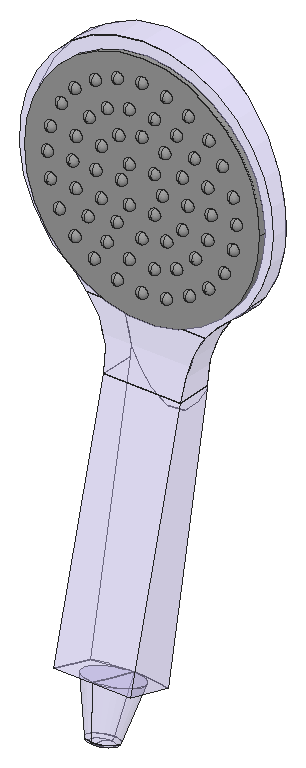
Revit family "AV4090001_Aluvia Teleducha", category Plumbing Fixtures, Revit 2020
Family settings
  Round Connector Dimension = Use Diameter
  Part Type = Normal
  OmniClass Number = 23.31.11.00
  OmniClass Title = Faucets
  Work Plane-Based = No
  Always vertical = Yes
  Cut with Voids When Loaded = No
  Shared = No
  Room Calculation Point = No
Parameters
  Temperatura de Uso = "5˚C a 71˚C."  # constant formula
  Referencia = "AV4090001"  # constant formula
  Profundidad = 48 mm
  Presion minima = "20 psi (140 kPa)."  # constant formula
  Presion maxima = "125 psi (860 kPa)."  # constant formula
  Peso neto = "400 g. - 1,03 lb."  # constant formula
  Model = "Aluvia Teleducha"  # constant formula
  Material 2 = Corona_Plastico_Gris
  Material = Ceilings
  Garantía = "30 Años"  # constant formula
  Fecha de creación = "16/03/2021"  # constant formula
  Manufacturer = "Corona"  # constant formula
  Default Elevation = 0 mm
  Description = "La teleducha Aluvia con tamaño medio y chorro tipo lluvia focalizado ofrece mayor practicidad, ideal para consumidores que buscan cobertura direccionada."  # constant formula
  Creado por = "BIMBAU"  # constant formula
  Capacidad de flujo = "a 80 psi: 9,3 L/min"  # constant formula
  Ancho = 101 mm
  Alto = 243 mm
  Acabado = "Cromado"  # constant formula
Reference planes
  plane 1 "Center (Front/Back)": y = 0
  plane 2: z = 0
  plane 3 "Center (Left/Right)": x = 0
  plane 4: z = 121.5
  plane 5: z = -121.5
  plane 6: x = 50.5
  plane 7: x = -50.5
  plane 8: y = 24
  plane 9: y = -24
Forms (mm)
  Extrusion 1, solid, material "Ceilings" <- "Material", detail levels medium+fine
    sketch origin (0, 0, 0) x (0, 1, 0) y (0, 0, 1)
      loop
        arc (3.039, 20.85) -> (3.139, 8.293) -> (0.86, -4.055) r 66.008
        line (0.86, -4.055) -> (-23.687, -97.331) -> (1.206, -103.882)
        arc (1.206, -103.882) -> (13.696, -35.441) -> (22.248, 33.603) r 1215.032
        arc (22.248, 33.603) -> (22.458, 75.664) -> (15.165, 117.089) r 234.977
        arc (15.165, 117.089) -> (14.587, 117.92) -> (13.612, 118.194) r 1.5
        line (13.612, 118.194) -> (3.039, 117.454) -> (3.039, 20.85)
    from -50.5 to 50.5
  Extrusion 2, void
    sketch origin (0, 0, 0) x (1, 0, 0) y (0, 0, 1)
      loop
        arc (-15, -4.055) -> (-19.862, 15.388) -> (-33.305, 30.253) r 41.304
        arc (-33.305, 30.253) -> (-36.346, 32.645) -> (-38.99, 35.47) r 25.499
        arc (-38.99, 35.47) -> (-1.14, 116.758) -> (40.377, 37.281) r 50
        arc (40.377, 37.281) -> (36.912, 33.288) -> (32.83, 29.93) r 31.55
        arc (32.83, 29.93) -> (19.728, 15.134) -> (15, -4.055) r 41.304
        line (15, -4.055) -> (15, -124.055) -> (73.793, -124.055) -> (73.793, 155.945) -> (-71.207, 155.945) -> (-71.207, -124.055) -> (-15, -124.055) -> (-15, -4.055)
    from -29.283 to 29.02
  Extrusion 3, void
    sketch origin (0, 0, 0) x (1, 0, 0) y (0, 1, 0)
      loop
        arc (-61.893, 6.314) -> (-0.494, 15.088) -> (60.941, 6.567) r 222.412
        line (60.941, 6.567) -> (60.941, 36.634) -> (-61.893, 36.634) -> (-61.893, 6.314)
    from -87.202 to 127.106
  Extrusion 4, void
    sketch origin (0, 15.201, -3.165) x (1, 0, 0) y (0, 0.980428, -0.19688)
      loop
        arc (-17.902, -2.684) -> (0.896, 2.663) -> (19.694, -2.684) r 35.716
        line (19.694, -2.684) -> (19.694, 7.316) -> (-17.902, 7.316) -> (-17.902, -2.684)
    from -176.283 to 30.24
  Extrusion 5, solid, material "Corona_Plastico_Gris" <- "Material 2", detail levels medium+fine
    sketch origin (0, 0, 0) x (1, 0, 0) y (0, 0, 1)
      loop
        circle (0, 65.811) r 46.356
    from -3.039 to -1.004
  Revolve 6, solid, material "Ceilings" <- "Material", detail levels medium+fine
    sketch origin (0, 1.25, 0) x (0, 1, 0) y (0, 0, 1)
      loop
        line (-14.316, -99.798) -> (-19.568, -119.757) -> (-15.595, -121.61)
        arc (-15.595, -121.61) -> (-14.567, -121.669) -> (-13.781, -121.004) r 1.39
        line (-13.781, -121.004) -> (-3.94, -102.528) -> (-14.316, -99.798)
      axis (-14.316, -99.798) -> (-19.767, -120.512)
    angle from 0 to 360
  Revolve 7, solid, material "Corona_Plastico_Gris" <- "Material 2", detail levels medium+fine
    sketch origin (0, 0, -7.123) x (0, 1, 0) y (0, 0, 1)
      loop
        arc (1.004, 112.913) -> (-0.995, 110.915) -> (1.004, 108.916) r 1.999
        line (1.004, 108.916) -> (1.004, 112.913)
      axis (1.004, 112.913) -> (1.004, 108.916)
    angle from 0 to 360
  Revolve 8, solid, material "Corona_Plastico_Gris" <- "Material 2", detail levels medium+fine
    sketch origin (0, 0, -26.184) x (0, 1, 0) y (0, 0, 1)
      loop
        arc (1.004, 112.913) -> (-0.995, 110.915) -> (1.004, 108.916) r 1.999
        line (1.004, 108.916) -> (1.004, 112.913)
      axis (1.004, 112.913) -> (1.004, 108.916)
    angle from 0 to 360
  Revolve 9, solid, material "Corona_Plastico_Gris" <- "Material 2", detail levels medium+fine
    sketch origin (0, 0, -61.99) x (0, 1, 0) y (0, 0, 1)
      loop
        arc (1.004, 112.913) -> (-0.995, 110.915) -> (1.004, 108.916) r 1.999
        line (1.004, 108.916) -> (1.004, 112.913)
      axis (1.004, 112.913) -> (1.004, 108.916)
    angle from 0 to 360
  Revolve 10, solid, material "Corona_Plastico_Gris" <- "Material 2", detail levels medium+fine
    sketch origin (0, 0, -81.119) x (0, 1, 0) y (0, 0, 1)
      loop
        arc (1.004, 112.913) -> (-0.995, 110.915) -> (1.004, 108.916) r 1.999
        line (1.004, 108.916) -> (1.004, 112.913)
      axis (1.004, 112.913) -> (1.004, 108.916)
    angle from 0 to 360
  Revolve 11, solid, material "Corona_Plastico_Gris" <- "Material 2", detail levels medium+fine
    sketch origin (5, 0, -71.053) x (0, 1, 0) y (0, 0, 1)
      loop
        arc (1.004, 112.913) -> (-0.995, 110.915) -> (1.004, 108.916) r 1.999
        line (1.004, 108.916) -> (1.004, 112.913)
      axis (1.004, 112.913) -> (1.004, 108.916)
    angle from 0 to 360
  Revolve 12, solid, material "Corona_Plastico_Gris" <- "Material 2", detail levels medium+fine
    sketch origin (5, 0, -51.856) x (0, 1, 0) y (0, 0, 1)
      loop
        arc (1.004, 112.913) -> (-0.995, 110.915) -> (1.004, 108.916) r 1.999
        line (1.004, 108.916) -> (1.004, 112.913)
      axis (1.004, 112.913) -> (1.004, 108.916)
    angle from 0 to 360
  Revolve 13, solid, material "Corona_Plastico_Gris" <- "Material 2", detail levels medium+fine
    sketch origin (5, 0, -37.561) x (0, 1, 0) y (0, 0, 1)
      loop
        arc (1.004, 112.913) -> (-0.995, 110.915) -> (1.004, 108.916) r 1.999
        line (1.004, 108.916) -> (1.004, 112.913)
      axis (1.004, 112.913) -> (1.004, 108.916)
    angle from 0 to 360
  Revolve 14, solid, material "Corona_Plastico_Gris" <- "Material 2", detail levels medium+fine
    sketch origin (5, 0, -18.228) x (0, 1, 0) y (0, 0, 1)
      loop
        arc (1.004, 112.913) -> (-0.995, 110.915) -> (1.004, 108.916) r 1.999
        line (1.004, 108.916) -> (1.004, 112.913)
      axis (1.004, 112.913) -> (1.004, 108.916)
    angle from 0 to 360
  Revolve 15, solid, material "Corona_Plastico_Gris" <- "Material 2", detail levels medium+fine
    sketch origin (-5, 0, -71.053) x (0, 1, 0) y (0, 0, -1)
      loop
        line (1.004, -112.913) -> (1.004, -108.916)
        arc (1.004, -108.916) -> (-0.995, -110.915) -> (1.004, -112.913) r 1.999
      axis (1.004, -112.913) -> (1.004, -108.916)
    angle from 0 to 360
  Revolve 16, solid, material "Corona_Plastico_Gris" <- "Material 2", detail levels medium+fine
    sketch origin (-5, 0, -51.856) x (0, 1, 0) y (0, 0, -1)
      loop
        line (1.004, -112.913) -> (1.004, -108.916)
        arc (1.004, -108.916) -> (-0.995, -110.915) -> (1.004, -112.913) r 1.999
      axis (1.004, -112.913) -> (1.004, -108.916)
    angle from 0 to 360
  Revolve 17, solid, material "Corona_Plastico_Gris" <- "Material 2", detail levels medium+fine
    sketch origin (-5, 0, -37.561) x (0, 1, 0) y (0, 0, -1)
      loop
        line (1.004, -112.913) -> (1.004, -108.916)
        arc (1.004, -108.916) -> (-0.995, -110.915) -> (1.004, -112.913) r 1.999
      axis (1.004, -112.913) -> (1.004, -108.916)
    angle from 0 to 360
  Revolve 18, solid, material "Corona_Plastico_Gris" <- "Material 2", detail levels medium+fine
    sketch origin (-5, 0, -18.228) x (0, 1, 0) y (0, 0, -1)
      loop
        line (1.004, -112.913) -> (1.004, -108.916)
        arc (1.004, -108.916) -> (-0.995, -110.915) -> (1.004, -112.913) r 1.999
      axis (1.004, -112.913) -> (1.004, -108.916)
    angle from 0 to 360
  Revolve 19, solid, material "Corona_Plastico_Gris" <- "Material 2", detail levels medium+fine
    sketch origin (9.695, 0, -79.882) x (0, 1, 0) y (0, 0, 1)
      loop
        arc (1.004, 112.913) -> (-0.995, 110.915) -> (1.004, 108.916) r 1.999
        line (1.004, 108.916) -> (1.004, 112.913)
      axis (1.004, 112.913) -> (1.004, 108.916)
    angle from 0 to 360
  Revolve 20, solid, material "Corona_Plastico_Gris" <- "Material 2", detail levels medium+fine
    sketch origin (18.758, 0, -75.656) x (0, 1, 0) y (0, 0, 1)
      loop
        arc (1.004, 112.913) -> (-0.995, 110.915) -> (1.004, 108.916) r 1.999
        line (1.004, 108.916) -> (1.004, 112.913)
      axis (1.004, 112.913) -> (1.004, 108.916)
    angle from 0 to 360
  Revolve 21, solid, material "Corona_Plastico_Gris" <- "Material 2", detail levels medium+fine
    sketch origin (26.286, 0, -70.385) x (0, 1, 0) y (0, 0, 1)
      loop
        arc (1.004, 112.913) -> (-0.995, 110.915) -> (1.004, 108.916) r 1.999
        line (1.004, 108.916) -> (1.004, 112.913)
      axis (1.004, 112.913) -> (1.004, 108.916)
    angle from 0 to 360
  Revolve 22, solid, material "Corona_Plastico_Gris" <- "Material 2", detail levels medium+fine
    sketch origin (13.687, 0, -67.936) x (0, 1, 0) y (0, 0, 1)
      loop
        arc (1.004, 112.913) -> (-0.995, 110.915) -> (1.004, 108.916) r 1.999
        line (1.004, 108.916) -> (1.004, 112.913)
      axis (1.004, 112.913) -> (1.004, 108.916)
    angle from 0 to 360
  Revolve 23, solid, material "Corona_Plastico_Gris" <- "Material 2", detail levels medium+fine
    sketch origin (9.809, 0, -59.62) x (0, 1, 0) y (0, 0, 1)
      loop
        arc (1.004, 112.913) -> (-0.995, 110.915) -> (1.004, 108.916) r 1.999
        line (1.004, 108.916) -> (1.004, 112.913)
      axis (1.004, 112.913) -> (1.004, 108.916)
    angle from 0 to 360
  Revolve 24, solid, material "Corona_Plastico_Gris" <- "Material 2", detail levels medium+fine
    sketch origin (21.153, 0, -61.621) x (0, 1, 0) y (0, 0, 1)
      loop
        arc (1.004, 112.913) -> (-0.995, 110.915) -> (1.004, 108.916) r 1.999
        line (1.004, 108.916) -> (1.004, 112.913)
      axis (1.004, 112.913) -> (1.004, 108.916)
    angle from 0 to 360
  Revolve 25, solid, material "Corona_Plastico_Gris" <- "Material 2", detail levels medium+fine
    sketch origin (32.502, 0, -62.813) x (0, 1, 0) y (0, 0, 1)
      loop
        arc (1.004, 112.913) -> (-0.995, 110.915) -> (1.004, 108.916) r 1.999
        line (1.004, 108.916) -> (1.004, 112.913)
      axis (1.004, 112.913) -> (1.004, 108.916)
    angle from 0 to 360
  Revolve 26, solid, material "Corona_Plastico_Gris" <- "Material 2", detail levels medium+fine
    sketch origin (35.922, 0, -53.417) x (0, 1, 0) y (0, 0, 1)
      loop
        arc (1.004, 112.913) -> (-0.995, 110.915) -> (1.004, 108.916) r 1.999
        line (1.004, 108.916) -> (1.004, 112.913)
      axis (1.004, 112.913) -> (1.004, 108.916)
    angle from 0 to 360
  Revolve 27, solid, material "Corona_Plastico_Gris" <- "Material 2", detail levels medium+fine
    sketch origin (25.922, 0, -53.417) x (0, 1, 0) y (0, 0, 1)
      loop
        arc (1.004, 112.913) -> (-0.995, 110.915) -> (1.004, 108.916) r 1.999
        line (1.004, 108.916) -> (1.004, 112.913)
      axis (1.004, 112.913) -> (1.004, 108.916)
    angle from 0 to 360
  Revolve 28, solid, material "Corona_Plastico_Gris" <- "Material 2", detail levels medium+fine
    sketch origin (15.922, 0, -53.417) x (0, 1, 0) y (0, 0, 1)
      loop
        arc (1.004, 112.913) -> (-0.995, 110.915) -> (1.004, 108.916) r 1.999
        line (1.004, 108.916) -> (1.004, 112.913)
      axis (1.004, 112.913) -> (1.004, 108.916)
    angle from 0 to 360
  Revolve 29, solid, material "Corona_Plastico_Gris" <- "Material 2", detail levels medium+fine
    sketch origin (37.23, 0, -44.115) x (0, 1, 0) y (0, 0, 1)
      loop
        arc (1.004, 112.913) -> (-0.995, 110.915) -> (1.004, 108.916) r 1.999
        line (1.004, 108.916) -> (1.004, 112.913)
      axis (1.004, 112.913) -> (1.004, 108.916)
    angle from 0 to 360
  Revolve 30, solid, material "Corona_Plastico_Gris" <- "Material 2", detail levels medium+fine
    sketch origin (27.23, 0, -44.115) x (0, 1, 0) y (0, 0, 1)
      loop
        arc (1.004, 112.913) -> (-0.995, 110.915) -> (1.004, 108.916) r 1.999
        line (1.004, 108.916) -> (1.004, 112.913)
      axis (1.004, 112.913) -> (1.004, 108.916)
    angle from 0 to 360
  Revolve 31, solid, material "Corona_Plastico_Gris" <- "Material 2", detail levels medium+fine
    sketch origin (18.067, 0, -44.115) x (0, 1, 0) y (0, 0, 1)
      loop
        arc (1.004, 112.913) -> (-0.995, 110.915) -> (1.004, 108.916) r 1.999
        line (1.004, 108.916) -> (1.004, 112.913)
      axis (1.004, 112.913) -> (1.004, 108.916)
    angle from 0 to 360
  Revolve 32, solid, material "Corona_Plastico_Gris" <- "Material 2", detail levels medium+fine
    sketch origin (8.067, 0, -44.115) x (0, 1, 0) y (0, 0, 1)
      loop
        arc (1.004, 112.913) -> (-0.995, 110.915) -> (1.004, 108.916) r 1.999
        line (1.004, 108.916) -> (1.004, 112.913)
      axis (1.004, 112.913) -> (1.004, 108.916)
    angle from 0 to 360
  Revolve 33, solid, material "Corona_Plastico_Gris" <- "Material 2", detail levels medium+fine
    sketch origin (35.922, 0, -34.961) x (0, 1, 0) y (0, 0, 1)
      loop
        arc (1.004, 112.913) -> (-0.995, 110.915) -> (1.004, 108.916) r 1.999
        line (1.004, 108.916) -> (1.004, 112.913)
      axis (1.004, 112.913) -> (1.004, 108.916)
    angle from 0 to 360
  Revolve 34, solid, material "Corona_Plastico_Gris" <- "Material 2", detail levels medium+fine
    sketch origin (25.922, 0, -34.961) x (0, 1, 0) y (0, 0, 1)
      loop
        arc (1.004, 112.913) -> (-0.995, 110.915) -> (1.004, 108.916) r 1.999
        line (1.004, 108.916) -> (1.004, 112.913)
      axis (1.004, 112.913) -> (1.004, 108.916)
    angle from 0 to 360
  Revolve 35, solid, material "Corona_Plastico_Gris" <- "Material 2", detail levels medium+fine
    sketch origin (15.922, 0, -34.961) x (0, 1, 0) y (0, 0, 1)
      loop
        arc (1.004, 112.913) -> (-0.995, 110.915) -> (1.004, 108.916) r 1.999
        line (1.004, 108.916) -> (1.004, 112.913)
      axis (1.004, 112.913) -> (1.004, 108.916)
    angle from 0 to 360
  Revolve 36, solid, material "Corona_Plastico_Gris" <- "Material 2", detail levels medium+fine
    sketch origin (9.053, 0, -28.776) x (0, 1, 0) y (0, 0, 1)
      loop
        arc (1.004, 112.913) -> (-0.995, 110.915) -> (1.004, 108.916) r 1.999
        line (1.004, 108.916) -> (1.004, 112.913)
      axis (1.004, 112.913) -> (1.004, 108.916)
    angle from 0 to 360
  Revolve 37, solid, material "Corona_Plastico_Gris" <- "Material 2", detail levels medium+fine
    sketch origin (20.695, 0, -26.513) x (0, 1, 0) y (0, 0, 1)
      loop
        arc (1.004, 112.913) -> (-0.995, 110.915) -> (1.004, 108.916) r 1.999
        line (1.004, 108.916) -> (1.004, 112.913)
      axis (1.004, 112.913) -> (1.004, 108.916)
    angle from 0 to 360
  Revolve 38, solid, material "Corona_Plastico_Gris" <- "Material 2", detail levels medium+fine
    sketch origin (31.746, 0, -25.352) x (0, 1, 0) y (0, 0, 1)
      loop
        arc (1.004, 112.913) -> (-0.995, 110.915) -> (1.004, 108.916) r 1.999
        line (1.004, 108.916) -> (1.004, 112.913)
      axis (1.004, 112.913) -> (1.004, 108.916)
    angle from 0 to 360
  Revolve 39, solid, material "Corona_Plastico_Gris" <- "Material 2", detail levels medium+fine
    sketch origin (26.354, 0, -18.196) x (0, 1, 0) y (0, 0, 1)
      loop
        arc (1.004, 112.913) -> (-0.995, 110.915) -> (1.004, 108.916) r 1.999
        line (1.004, 108.916) -> (1.004, 112.913)
      axis (1.004, 112.913) -> (1.004, 108.916)
    angle from 0 to 360
  Revolve 40, solid, material "Corona_Plastico_Gris" <- "Material 2", detail levels medium+fine
    sketch origin (13.656, 0, -20.895) x (0, 1, 0) y (0, 0, 1)
      loop
        arc (1.004, 112.913) -> (-0.995, 110.915) -> (1.004, 108.916) r 1.999
        line (1.004, 108.916) -> (1.004, 112.913)
      axis (1.004, 112.913) -> (1.004, 108.916)
    angle from 0 to 360
  Revolve 41, solid, material "Corona_Plastico_Gris" <- "Material 2", detail levels medium+fine
    sketch origin (18.302, 0, -12.513) x (0, 1, 0) y (0, 0, 1)
      loop
        arc (1.004, 112.913) -> (-0.995, 110.915) -> (1.004, 108.916) r 1.999
        line (1.004, 108.916) -> (1.004, 112.913)
      axis (1.004, 112.913) -> (1.004, 108.916)
    angle from 0 to 360
  Revolve 42, solid, material "Corona_Plastico_Gris" <- "Material 2", detail levels medium+fine
    sketch origin (9.642, 0, -8.837) x (0, 1, 0) y (0, 0, 1)
      loop
        arc (1.004, 112.913) -> (-0.995, 110.915) -> (1.004, 108.916) r 1.999
        line (1.004, 108.916) -> (1.004, 112.913)
      axis (1.004, 112.913) -> (1.004, 108.916)
    angle from 0 to 360
  Revolve 43, solid, material "Corona_Plastico_Gris" <- "Material 2", detail levels medium+fine
    sketch origin (-9.695, 0, -79.882) x (0, 1, 0) y (0, 0, -1)
      loop
        line (1.004, -112.913) -> (1.004, -108.916)
        arc (1.004, -108.916) -> (-0.995, -110.915) -> (1.004, -112.913) r 1.999
      axis (1.004, -112.913) -> (1.004, -108.916)
    angle from 0 to 360
  Revolve 44, solid, material "Corona_Plastico_Gris" <- "Material 2", detail levels medium+fine
    sketch origin (-18.758, 0, -75.656) x (0, 1, 0) y (0, 0, -1)
      loop
        line (1.004, -112.913) -> (1.004, -108.916)
        arc (1.004, -108.916) -> (-0.995, -110.915) -> (1.004, -112.913) r 1.999
      axis (1.004, -112.913) -> (1.004, -108.916)
    angle from 0 to 360
  Revolve 45, solid, material "Corona_Plastico_Gris" <- "Material 2", detail levels medium+fine
    sketch origin (-26.286, 0, -70.385) x (0, 1, 0) y (0, 0, -1)
      loop
        line (1.004, -112.913) -> (1.004, -108.916)
        arc (1.004, -108.916) -> (-0.995, -110.915) -> (1.004, -112.913) r 1.999
      axis (1.004, -112.913) -> (1.004, -108.916)
    angle from 0 to 360
  Revolve 46, solid, material "Corona_Plastico_Gris" <- "Material 2", detail levels medium+fine
    sketch origin (-13.687, 0, -67.936) x (0, 1, 0) y (0, 0, -1)
      loop
        line (1.004, -112.913) -> (1.004, -108.916)
        arc (1.004, -108.916) -> (-0.995, -110.915) -> (1.004, -112.913) r 1.999
      axis (1.004, -112.913) -> (1.004, -108.916)
    angle from 0 to 360
  Revolve 47, solid, material "Corona_Plastico_Gris" <- "Material 2", detail levels medium+fine
    sketch origin (-9.809, 0, -59.62) x (0, 1, 0) y (0, 0, -1)
      loop
        line (1.004, -112.913) -> (1.004, -108.916)
        arc (1.004, -108.916) -> (-0.995, -110.915) -> (1.004, -112.913) r 1.999
      axis (1.004, -112.913) -> (1.004, -108.916)
    angle from 0 to 360
  Revolve 48, solid, material "Corona_Plastico_Gris" <- "Material 2", detail levels medium+fine
    sketch origin (-21.153, 0, -61.621) x (0, 1, 0) y (0, 0, -1)
      loop
        line (1.004, -112.913) -> (1.004, -108.916)
        arc (1.004, -108.916) -> (-0.995, -110.915) -> (1.004, -112.913) r 1.999
      axis (1.004, -112.913) -> (1.004, -108.916)
    angle from 0 to 360
  Revolve 49, solid, material "Corona_Plastico_Gris" <- "Material 2", detail levels medium+fine
    sketch origin (-32.502, 0, -62.813) x (0, 1, 0) y (0, 0, -1)
      loop
        line (1.004, -112.913) -> (1.004, -108.916)
        arc (1.004, -108.916) -> (-0.995, -110.915) -> (1.004, -112.913) r 1.999
      axis (1.004, -112.913) -> (1.004, -108.916)
    angle from 0 to 360
  Revolve 50, solid, material "Corona_Plastico_Gris" <- "Material 2", detail levels medium+fine
    sketch origin (-35.922, 0, -53.417) x (0, 1, 0) y (0, 0, -1)
      loop
        line (1.004, -112.913) -> (1.004, -108.916)
        arc (1.004, -108.916) -> (-0.995, -110.915) -> (1.004, -112.913) r 1.999
      axis (1.004, -112.913) -> (1.004, -108.916)
    angle from 0 to 360
  Revolve 51, solid, material "Corona_Plastico_Gris" <- "Material 2", detail levels medium+fine
    sketch origin (-25.922, 0, -53.417) x (0, 1, 0) y (0, 0, -1)
      loop
        line (1.004, -112.913) -> (1.004, -108.916)
        arc (1.004, -108.916) -> (-0.995, -110.915) -> (1.004, -112.913) r 1.999
      axis (1.004, -112.913) -> (1.004, -108.916)
    angle from 0 to 360
  Revolve 52, solid, material "Corona_Plastico_Gris" <- "Material 2", detail levels medium+fine
    sketch origin (-15.922, 0, -53.417) x (0, 1, 0) y (0, 0, -1)
      loop
        line (1.004, -112.913) -> (1.004, -108.916)
        arc (1.004, -108.916) -> (-0.995, -110.915) -> (1.004, -112.913) r 1.999
      axis (1.004, -112.913) -> (1.004, -108.916)
    angle from 0 to 360
  Revolve 53, solid, material "Corona_Plastico_Gris" <- "Material 2", detail levels medium+fine
    sketch origin (-37.23, 0, -44.115) x (0, 1, 0) y (0, 0, -1)
      loop
        line (1.004, -112.913) -> (1.004, -108.916)
        arc (1.004, -108.916) -> (-0.995, -110.915) -> (1.004, -112.913) r 1.999
      axis (1.004, -112.913) -> (1.004, -108.916)
    angle from 0 to 360
  Revolve 54, solid, material "Corona_Plastico_Gris" <- "Material 2", detail levels medium+fine
    sketch origin (-27.23, 0, -44.115) x (0, 1, 0) y (0, 0, -1)
      loop
        line (1.004, -112.913) -> (1.004, -108.916)
        arc (1.004, -108.916) -> (-0.995, -110.915) -> (1.004, -112.913) r 1.999
      axis (1.004, -112.913) -> (1.004, -108.916)
    angle from 0 to 360
  Revolve 55, solid, material "Corona_Plastico_Gris" <- "Material 2", detail levels medium+fine
    sketch origin (-18.067, 0, -44.115) x (0, 1, 0) y (0, 0, -1)
      loop
        line (1.004, -112.913) -> (1.004, -108.916)
        arc (1.004, -108.916) -> (-0.995, -110.915) -> (1.004, -112.913) r 1.999
      axis (1.004, -112.913) -> (1.004, -108.916)
    angle from 0 to 360
  Revolve 56, solid, material "Corona_Plastico_Gris" <- "Material 2", detail levels medium+fine
    sketch origin (-35.922, 0, -34.961) x (0, 1, 0) y (0, 0, -1)
      loop
        line (1.004, -112.913) -> (1.004, -108.916)
        arc (1.004, -108.916) -> (-0.995, -110.915) -> (1.004, -112.913) r 1.999
      axis (1.004, -112.913) -> (1.004, -108.916)
    angle from 0 to 360
  Revolve 57, solid, material "Corona_Plastico_Gris" <- "Material 2", detail levels medium+fine
    sketch origin (-25.922, 0, -34.961) x (0, 1, 0) y (0, 0, -1)
      loop
        line (1.004, -112.913) -> (1.004, -108.916)
        arc (1.004, -108.916) -> (-0.995, -110.915) -> (1.004, -112.913) r 1.999
      axis (1.004, -112.913) -> (1.004, -108.916)
    angle from 0 to 360
  Revolve 58, solid, material "Corona_Plastico_Gris" <- "Material 2", detail levels medium+fine
    sketch origin (-15.922, 0, -34.961) x (0, 1, 0) y (0, 0, -1)
      loop
        line (1.004, -112.913) -> (1.004, -108.916)
        arc (1.004, -108.916) -> (-0.995, -110.915) -> (1.004, -112.913) r 1.999
      axis (1.004, -112.913) -> (1.004, -108.916)
    angle from 0 to 360
  Revolve 59, solid, material "Corona_Plastico_Gris" <- "Material 2", detail levels medium+fine
    sketch origin (-9.053, 0, -28.776) x (0, 1, 0) y (0, 0, -1)
      loop
        line (1.004, -112.913) -> (1.004, -108.916)
        arc (1.004, -108.916) -> (-0.995, -110.915) -> (1.004, -112.913) r 1.999
      axis (1.004, -112.913) -> (1.004, -108.916)
    angle from 0 to 360
  Revolve 60, solid, material "Corona_Plastico_Gris" <- "Material 2", detail levels medium+fine
    sketch origin (-20.695, 0, -26.513) x (0, 1, 0) y (0, 0, -1)
      loop
        line (1.004, -112.913) -> (1.004, -108.916)
        arc (1.004, -108.916) -> (-0.995, -110.915) -> (1.004, -112.913) r 1.999
      axis (1.004, -112.913) -> (1.004, -108.916)
    angle from 0 to 360
  Revolve 61, solid, material "Corona_Plastico_Gris" <- "Material 2", detail levels medium+fine
    sketch origin (-31.746, 0, -25.352) x (0, 1, 0) y (0, 0, -1)
      loop
        line (1.004, -112.913) -> (1.004, -108.916)
        arc (1.004, -108.916) -> (-0.995, -110.915) -> (1.004, -112.913) r 1.999
      axis (1.004, -112.913) -> (1.004, -108.916)
    angle from 0 to 360
  Revolve 62, solid, material "Corona_Plastico_Gris" <- "Material 2", detail levels medium+fine
    sketch origin (-26.354, 0, -18.196) x (0, 1, 0) y (0, 0, -1)
      loop
        line (1.004, -112.913) -> (1.004, -108.916)
        arc (1.004, -108.916) -> (-0.995, -110.915) -> (1.004, -112.913) r 1.999
      axis (1.004, -112.913) -> (1.004, -108.916)
    angle from 0 to 360
  Revolve 63, solid, material "Corona_Plastico_Gris" <- "Material 2", detail levels medium+fine
    sketch origin (-13.656, 0, -20.895) x (0, 1, 0) y (0, 0, -1)
      loop
        line (1.004, -112.913) -> (1.004, -108.916)
        arc (1.004, -108.916) -> (-0.995, -110.915) -> (1.004, -112.913) r 1.999
      axis (1.004, -112.913) -> (1.004, -108.916)
    angle from 0 to 360
  Revolve 64, solid, material "Corona_Plastico_Gris" <- "Material 2", detail levels medium+fine
    sketch origin (-18.302, 0, -12.513) x (0, 1, 0) y (0, 0, -1)
      loop
        line (1.004, -112.913) -> (1.004, -108.916)
        arc (1.004, -108.916) -> (-0.995, -110.915) -> (1.004, -112.913) r 1.999
      axis (1.004, -112.913) -> (1.004, -108.916)
    angle from 0 to 360
  Revolve 65, solid, material "Corona_Plastico_Gris" <- "Material 2", detail levels medium+fine
    sketch origin (-9.642, 0, -8.837) x (0, 1, 0) y (0, 0, -1)
      loop
        line (1.004, -112.913) -> (1.004, -108.916)
        arc (1.004, -108.916) -> (-0.995, -110.915) -> (1.004, -112.913) r 1.999
      axis (1.004, -112.913) -> (1.004, -108.916)
    angle from 0 to 360
  Revolve 66, solid, material "Corona_Plastico_Gris" <- "Material 2", detail levels medium+fine
    sketch origin (-8.067, 0, -44.115) x (0, 1, 0) y (0, 0, -1)
      loop
        line (1.004, -112.913) -> (1.004, -108.916)
        arc (1.004, -108.916) -> (-0.995, -110.915) -> (1.004, -112.913) r 1.999
      axis (1.004, -112.913) -> (1.004, -108.916)
    angle from 0 to 360
  Extrusion 67, solid, material "Ceilings" <- "Material", detail levels coarse
    sketch origin (0, 0, 0) x (0, 1, 0) y (0, 0, 1)
      loop
        line (24, 121.5) -> (-24, 121.5) -> (-24, -121.5) -> (24, -121.5) -> (24, 121.5)
    from -50.5 to 50.5
Cuts and joins
  Extrusion 2, Extrusion 3, Extrusion 4 cuts Extrusion 1
Dimensions and locks
  equal spacing: plane 5, level, plane 4
  "Alto": plane 4 to plane 5
  equal spacing: plane 9, plane 1 "Center (Front/Back)", plane 8
  "Profundidad": plane 9 to plane 8
  equal spacing: plane 7, plane 3 "Center (Left/Right)", plane 6
  "Ancho": plane 7 to plane 6
  aligned and locked: level to plane 2
Automatic sketch dimensions
  plane 4 to Extrusion 1 sketch curve = 26.878 mm
  plane 9 to Extrusion 1 sketch curve = 1163.351 mm
  level to Extrusion 1 sketch curve = 55.8 mm
  plane 9 to Extrusion 1 sketch curve = 187.678 mm
  level to Extrusion 1 sketch curve = 14.046 mm
  plane 9 to Extrusion 1 sketch curve = 38.617 mm
  Extrusion 1 sketch curve to plane 9 = 0.313 mm
  Extrusion 1 sketch curve to plane 1 "Center (Front/Back)" = 0.86 mm
  Extrusion 1 sketch curve to plane 1 "Center (Front/Back)" = 1.206 mm
  Extrusion 1 sketch curve to plane 1 "Center (Front/Back)" = 3.039 mm
  Extrusion 1 sketch curve to plane 4 = 3.306 mm
  Extrusion 1 sketch curve to plane 8 = 10.388 mm
  Extrusion 1 sketch curve to Extrusion 1 sketch curve = 0.105 mm
  Extrusion 1 sketch curve to level = 4.055 mm
  Extrusion 1 sketch curve to plane 5 = 24.169 mm
  Extrusion 1 sketch curve to Extrusion 1 sketch curve = 1.496 mm
  Extrusion 1 sketch curve to plane 4 = 4.046 mm
  Extrusion 1 sketch curve to Extrusion 1 sketch curve = 0 mm
  Extrusion 2 sketch curve to plane 3 "Center (Left/Right)" = 0 mm
  plane 5 to Extrusion 2 sketch curve = 2.555 mm  (x2)
  Extrusion 2 sketch curve to plane 3 "Center (Left/Right)" = 15 mm
  Extrusion 2 sketch curve to plane 3 "Center (Left/Right)" = 19.106 mm
  plane 7 to Extrusion 2 sketch curve = 5.804 mm
  plane 7 to Extrusion 2 sketch curve = 20.707 mm
  plane 3 "Center (Left/Right)" to Extrusion 2 sketch curve = 14.899 mm
  plane 3 "Center (Left/Right)" to Extrusion 2 sketch curve = 15 mm
  plane 6 to Extrusion 2 sketch curve = 5.804 mm
  plane 6 to Extrusion 2 sketch curve = 23.293 mm
  Extrusion 2 sketch curve to level = 4.055 mm  (x2)
  level to Extrusion 2 sketch curve = 51.433 mm
  Extrusion 2 sketch curve to Extrusion 2 sketch curve = 4.456 mm
  Extrusion 2 sketch curve to Extrusion 2 sketch curve = 10.882 mm
  plane 4 to Extrusion 2 sketch curve = 34.445 mm
  Extrusion 2 sketch curve to Extrusion 2 sketch curve = 0 mm  (x3)
  plane 7 to Extrusion 3 sketch curve = 11.393 mm
  Extrusion 3 sketch curve to plane 3 "Center (Left/Right)" = 0.036 mm
  plane 6 to Extrusion 3 sketch curve = 10.441 mm
  plane 9 to Extrusion 3 sketch curve = 183.323 mm
  Extrusion 3 sketch curve to plane 1 "Center (Front/Back)" = 6.314 mm
  plane 8 to Extrusion 3 sketch curve = 12.634 mm
  Extrusion 4 sketch curve to plane 3 "Center (Left/Right)" = 17.902 mm
  plane 3 "Center (Left/Right)" to Extrusion 4 sketch curve = 0.896 mm
  plane 3 "Center (Left/Right)" to Extrusion 4 sketch curve = 19.694 mm
  Extrusion 4 sketch curve to Extrusion 4 sketch curve = 30.368 mm
  Extrusion 4 sketch curve to Extrusion 4 sketch curve = 10 mm
  Extrusion 5 sketch curve to plane 3 "Center (Left/Right)" = 0 mm
  Extrusion 5 sketch curve to plane 4 = 55.689 mm
  Revolve 6 sketch curve to plane 5 = 1.743 mm
  Revolve 6 sketch curve to plane 9 = 5.682 mm
  plane 5 to Revolve 6 sketch curve = 0.11 mm
  Revolve 6 sketch curve to Revolve 6 sketch curve = 3.973 mm
  Revolve 6 sketch curve to Revolve 6 sketch curve = 0.587 mm
  Revolve 6 sketch curve to plane 9 = 10.934 mm
  Revolve 6 sketch curve to plane 5 = 0.496 mm
  Revolve 6 sketch curve to Revolve 6 sketch curve = 1.227 mm
  plane 1 "Center (Front/Back)" to Revolve 6 sketch curve = 2.69 mm
  Revolve 6 sketch curve to plane 5 = 18.972 mm
  Revolve 6 sketch curve to plane 9 = 3.827 mm
  Revolve 6 sketch curve to Revolve 6 sketch curve = 1.272 mm
  plane 5 to Revolve 6 sketch curve = 5.307 mm
  Revolve 6 sketch curve to Revolve 6 sketch curve = 4.835 mm
  Revolve 7 sketch curve to plane 1 "Center (Front/Back)" = 1.004 mm
  Revolve 7 sketch curve to plane 4 = 19.707 mm
  Revolve 7 sketch curve to Revolve 7 sketch curve = 1.999 mm
  Revolve 7 sketch curve to Revolve 7 sketch curve = 0 mm
  level to Revolve 7 sketch curve = 12.332 mm
  Revolve 7 sketch curve to Revolve 7 sketch curve = 0.746 mm
  Revolve 8 sketch curve to plane 1 "Center (Front/Back)" = 1.004 mm
  Revolve 8 sketch curve to plane 4 = 38.768 mm
  Revolve 8 sketch curve to Revolve 8 sketch curve = 1.999 mm
  Revolve 8 sketch curve to Revolve 8 sketch curve = 0 mm
  Revolve 8 sketch curve to level = 6.728 mm
  Revolve 8 sketch curve to Revolve 8 sketch curve = 0.746 mm
  Revolve 9 sketch curve to plane 1 "Center (Front/Back)" = 1.004 mm
  level to Revolve 9 sketch curve = 46.925 mm
  Revolve 9 sketch curve to Revolve 9 sketch curve = 1.999 mm
  Revolve 9 sketch curve to Revolve 9 sketch curve = 0 mm
  Revolve 9 sketch curve to level = 42.535 mm
  Revolve 9 sketch curve to Revolve 9 sketch curve = 0.746 mm
  Revolve 10 sketch curve to plane 1 "Center (Front/Back)" = 1.004 mm
  level to Revolve 10 sketch curve = 27.797 mm
  Revolve 10 sketch curve to Revolve 10 sketch curve = 1.999 mm
  Revolve 10 sketch curve to Revolve 10 sketch curve = 0 mm
  Revolve 10 sketch curve to plane 5 = 59.836 mm
  Revolve 10 sketch curve to Revolve 10 sketch curve = 0.746 mm
  Revolve 11 sketch curve to plane 1 "Center (Front/Back)" = 1.004 mm
  level to Revolve 11 sketch curve = 37.863 mm
  Revolve 11 sketch curve to Revolve 11 sketch curve = 1.999 mm
  Revolve 11 sketch curve to Revolve 11 sketch curve = 0 mm
  Revolve 11 sketch curve to level = 51.598 mm
  Revolve 11 sketch curve to Revolve 11 sketch curve = 0.746 mm
  Revolve 12 sketch curve to plane 1 "Center (Front/Back)" = 1.004 mm
  level to Revolve 12 sketch curve = 57.06 mm
  Revolve 12 sketch curve to Revolve 12 sketch curve = 1.999 mm
  Revolve 12 sketch curve to Revolve 12 sketch curve = 0 mm
  Revolve 12 sketch curve to level = 32.401 mm
  Revolve 12 sketch curve to Revolve 12 sketch curve = 0.746 mm
  Revolve 13 sketch curve to plane 1 "Center (Front/Back)" = 1.004 mm
  Revolve 13 sketch curve to plane 4 = 50.145 mm
  Revolve 13 sketch curve to Revolve 13 sketch curve = 1.999 mm
  Revolve 13 sketch curve to Revolve 13 sketch curve = 0 mm
  Revolve 13 sketch curve to level = 18.105 mm
  Revolve 13 sketch curve to Revolve 13 sketch curve = 0.746 mm
  Revolve 14 sketch curve to plane 1 "Center (Front/Back)" = 1.004 mm
  Revolve 14 sketch curve to plane 4 = 30.812 mm
  Revolve 14 sketch curve to Revolve 14 sketch curve = 1.999 mm
  Revolve 14 sketch curve to Revolve 14 sketch curve = 0 mm
  level to Revolve 14 sketch curve = 1.228 mm
  Revolve 14 sketch curve to Revolve 14 sketch curve = 0.746 mm
  Revolve 15 sketch curve to plane 1 "Center (Front/Back)" = 1.004 mm
  level to Revolve 15 sketch curve = 41.86 mm
  Revolve 15 sketch curve to Revolve 15 sketch curve = 1.999 mm
  Revolve 15 sketch curve to Revolve 15 sketch curve = 0 mm
  Revolve 15 sketch curve to Revolve 15 sketch curve = 0.746 mm
  Revolve 15 sketch curve to level = 51.598 mm
  Revolve 16 sketch curve to plane 1 "Center (Front/Back)" = 1.004 mm
  Revolve 16 sketch curve to plane 4 = 60.443 mm
  Revolve 16 sketch curve to Revolve 16 sketch curve = 1.999 mm
  Revolve 16 sketch curve to Revolve 16 sketch curve = 0 mm
  Revolve 16 sketch curve to Revolve 16 sketch curve = 0.746 mm
  Revolve 16 sketch curve to level = 32.401 mm
  Revolve 17 sketch curve to plane 1 "Center (Front/Back)" = 1.004 mm
  Revolve 17 sketch curve to plane 4 = 46.147 mm
  Revolve 17 sketch curve to Revolve 17 sketch curve = 1.999 mm
  Revolve 17 sketch curve to Revolve 17 sketch curve = 0 mm
  Revolve 17 sketch curve to Revolve 17 sketch curve = 0.746 mm
  Revolve 17 sketch curve to level = 18.105 mm
  Revolve 18 sketch curve to plane 1 "Center (Front/Back)" = 1.004 mm
  Revolve 18 sketch curve to plane 4 = 26.814 mm
  Revolve 18 sketch curve to Revolve 18 sketch curve = 1.999 mm
  Revolve 18 sketch curve to Revolve 18 sketch curve = 0 mm
  Revolve 18 sketch curve to Revolve 18 sketch curve = 0.746 mm
  level to Revolve 18 sketch curve = 1.228 mm
  Revolve 19 sketch curve to plane 1 "Center (Front/Back)" = 1.004 mm
  level to Revolve 19 sketch curve = 29.033 mm
  Revolve 19 sketch curve to Revolve 19 sketch curve = 1.999 mm
  Revolve 19 sketch curve to Revolve 19 sketch curve = 0 mm
  Revolve 19 sketch curve to level = 60.427 mm
  Revolve 19 sketch curve to Revolve 19 sketch curve = 0.746 mm
  Revolve 20 sketch curve to plane 1 "Center (Front/Back)" = 1.004 mm
  level to Revolve 20 sketch curve = 33.26 mm
  Revolve 20 sketch curve to Revolve 20 sketch curve = 1.999 mm
  Revolve 20 sketch curve to Revolve 20 sketch curve = 0 mm
  Revolve 20 sketch curve to level = 56.201 mm
  Revolve 20 sketch curve to Revolve 20 sketch curve = 0.746 mm
  Revolve 21 sketch curve to plane 1 "Center (Front/Back)" = 1.004 mm
  level to Revolve 21 sketch curve = 38.531 mm
  Revolve 21 sketch curve to Revolve 21 sketch curve = 1.999 mm
  Revolve 21 sketch curve to Revolve 21 sketch curve = 0 mm
  Revolve 21 sketch curve to level = 50.93 mm
  Revolve 21 sketch curve to Revolve 21 sketch curve = 0.746 mm
  Revolve 22 sketch curve to plane 1 "Center (Front/Back)" = 1.004 mm
  level to Revolve 22 sketch curve = 40.98 mm
  Revolve 22 sketch curve to Revolve 22 sketch curve = 1.999 mm
  Revolve 22 sketch curve to Revolve 22 sketch curve = 0 mm
  Revolve 22 sketch curve to level = 48.481 mm
  Revolve 22 sketch curve to Revolve 22 sketch curve = 0.746 mm
  Revolve 23 sketch curve to plane 1 "Center (Front/Back)" = 1.004 mm
  level to Revolve 23 sketch curve = 49.295 mm
  Revolve 23 sketch curve to Revolve 23 sketch curve = 1.999 mm
  Revolve 23 sketch curve to Revolve 23 sketch curve = 0 mm
  Revolve 23 sketch curve to level = 40.165 mm
  Revolve 23 sketch curve to Revolve 23 sketch curve = 0.746 mm
  Revolve 24 sketch curve to plane 1 "Center (Front/Back)" = 1.004 mm
  level to Revolve 24 sketch curve = 47.295 mm
  Revolve 24 sketch curve to Revolve 24 sketch curve = 1.999 mm
  Revolve 24 sketch curve to Revolve 24 sketch curve = 0 mm
  Revolve 24 sketch curve to level = 42.165 mm
  Revolve 24 sketch curve to Revolve 24 sketch curve = 0.746 mm
  Revolve 25 sketch curve to plane 1 "Center (Front/Back)" = 1.004 mm
  level to Revolve 25 sketch curve = 46.102 mm
  Revolve 25 sketch curve to Revolve 25 sketch curve = 1.999 mm
  Revolve 25 sketch curve to Revolve 25 sketch curve = 0 mm
  Revolve 25 sketch curve to level = 43.358 mm
  Revolve 25 sketch curve to Revolve 25 sketch curve = 0.746 mm
  Revolve 26 sketch curve to plane 1 "Center (Front/Back)" = 1.004 mm
  level to Revolve 26 sketch curve = 55.499 mm
  Revolve 26 sketch curve to Revolve 26 sketch curve = 1.999 mm
  Revolve 26 sketch curve to Revolve 26 sketch curve = 0 mm
  Revolve 26 sketch curve to level = 33.961 mm
  Revolve 26 sketch curve to Revolve 26 sketch curve = 0.746 mm
  Revolve 27 sketch curve to plane 1 "Center (Front/Back)" = 1.004 mm
  level to Revolve 27 sketch curve = 55.499 mm
  Revolve 27 sketch curve to Revolve 27 sketch curve = 1.999 mm
  Revolve 27 sketch curve to Revolve 27 sketch curve = 0 mm
  Revolve 27 sketch curve to level = 33.961 mm
  Revolve 27 sketch curve to Revolve 27 sketch curve = 0.746 mm
  Revolve 28 sketch curve to plane 1 "Center (Front/Back)" = 1.004 mm
  level to Revolve 28 sketch curve = 55.499 mm
  Revolve 28 sketch curve to Revolve 28 sketch curve = 1.999 mm
  Revolve 28 sketch curve to Revolve 28 sketch curve = 0 mm
  Revolve 28 sketch curve to level = 33.961 mm
  Revolve 28 sketch curve to Revolve 28 sketch curve = 0.746 mm
  Revolve 29 sketch curve to plane 1 "Center (Front/Back)" = 1.004 mm
  Revolve 29 sketch curve to plane 4 = 56.699 mm
  Revolve 29 sketch curve to Revolve 29 sketch curve = 1.999 mm
  Revolve 29 sketch curve to Revolve 29 sketch curve = 0 mm
  Revolve 29 sketch curve to level = 24.66 mm
  Revolve 29 sketch curve to Revolve 29 sketch curve = 0.746 mm
  Revolve 30 sketch curve to plane 1 "Center (Front/Back)" = 1.004 mm
  Revolve 30 sketch curve to plane 4 = 56.699 mm
  Revolve 30 sketch curve to Revolve 30 sketch curve = 1.999 mm
  Revolve 30 sketch curve to Revolve 30 sketch curve = 0 mm
  Revolve 30 sketch curve to level = 24.66 mm
  Revolve 30 sketch curve to Revolve 30 sketch curve = 0.746 mm
  Revolve 31 sketch curve to plane 1 "Center (Front/Back)" = 1.004 mm
  Revolve 31 sketch curve to plane 4 = 56.699 mm
  Revolve 31 sketch curve to Revolve 31 sketch curve = 1.999 mm
  Revolve 31 sketch curve to Revolve 31 sketch curve = 0 mm
  Revolve 31 sketch curve to level = 24.66 mm
  Revolve 31 sketch curve to Revolve 31 sketch curve = 0.746 mm
  Revolve 32 sketch curve to plane 1 "Center (Front/Back)" = 1.004 mm
  Revolve 32 sketch curve to plane 4 = 56.699 mm
  Revolve 32 sketch curve to Revolve 32 sketch curve = 1.999 mm
  Revolve 32 sketch curve to Revolve 32 sketch curve = 0 mm
  Revolve 32 sketch curve to level = 24.66 mm
  Revolve 32 sketch curve to Revolve 32 sketch curve = 0.746 mm
  Revolve 33 sketch curve to plane 1 "Center (Front/Back)" = 1.004 mm
  Revolve 33 sketch curve to plane 4 = 47.545 mm
  Revolve 33 sketch curve to Revolve 33 sketch curve = 1.999 mm
  Revolve 33 sketch curve to Revolve 33 sketch curve = 0 mm
  Revolve 33 sketch curve to level = 15.506 mm
  Revolve 33 sketch curve to Revolve 33 sketch curve = 0.746 mm
  Revolve 34 sketch curve to plane 1 "Center (Front/Back)" = 1.004 mm
  Revolve 34 sketch curve to plane 4 = 47.545 mm
  Revolve 34 sketch curve to Revolve 34 sketch curve = 1.999 mm
  Revolve 34 sketch curve to Revolve 34 sketch curve = 0 mm
  Revolve 34 sketch curve to level = 15.506 mm
  Revolve 34 sketch curve to Revolve 34 sketch curve = 0.746 mm
  Revolve 35 sketch curve to plane 1 "Center (Front/Back)" = 1.004 mm
  Revolve 35 sketch curve to plane 4 = 47.545 mm
  Revolve 35 sketch curve to Revolve 35 sketch curve = 1.999 mm
  Revolve 35 sketch curve to Revolve 35 sketch curve = 0 mm
  Revolve 35 sketch curve to level = 15.506 mm
  Revolve 35 sketch curve to Revolve 35 sketch curve = 0.746 mm
  Revolve 36 sketch curve to plane 1 "Center (Front/Back)" = 1.004 mm
  Revolve 36 sketch curve to plane 4 = 41.36 mm
  Revolve 36 sketch curve to Revolve 36 sketch curve = 1.999 mm
  Revolve 36 sketch curve to Revolve 36 sketch curve = 0 mm
  Revolve 36 sketch curve to level = 9.321 mm
  Revolve 36 sketch curve to Revolve 36 sketch curve = 0.746 mm
  Revolve 37 sketch curve to plane 1 "Center (Front/Back)" = 1.004 mm
  Revolve 37 sketch curve to plane 4 = 39.097 mm
  Revolve 37 sketch curve to Revolve 37 sketch curve = 1.999 mm
  Revolve 37 sketch curve to Revolve 37 sketch curve = 0 mm
  Revolve 37 sketch curve to level = 7.058 mm
  Revolve 37 sketch curve to Revolve 37 sketch curve = 0.746 mm
  Revolve 38 sketch curve to plane 1 "Center (Front/Back)" = 1.004 mm
  Revolve 38 sketch curve to plane 4 = 37.936 mm
  Revolve 38 sketch curve to Revolve 38 sketch curve = 1.999 mm
  Revolve 38 sketch curve to Revolve 38 sketch curve = 0 mm
  Revolve 38 sketch curve to level = 5.897 mm
  Revolve 38 sketch curve to Revolve 38 sketch curve = 0.746 mm
  Revolve 39 sketch curve to plane 1 "Center (Front/Back)" = 1.004 mm
  Revolve 39 sketch curve to plane 4 = 30.78 mm
  Revolve 39 sketch curve to Revolve 39 sketch curve = 1.999 mm
  Revolve 39 sketch curve to Revolve 39 sketch curve = 0 mm
  level to Revolve 39 sketch curve = 1.259 mm
  Revolve 39 sketch curve to Revolve 39 sketch curve = 0.746 mm
  Revolve 40 sketch curve to plane 1 "Center (Front/Back)" = 1.004 mm
  Revolve 40 sketch curve to plane 4 = 33.479 mm
  Revolve 40 sketch curve to Revolve 40 sketch curve = 1.999 mm
  Revolve 40 sketch curve to Revolve 40 sketch curve = 0 mm
  Revolve 40 sketch curve to level = 1.44 mm
  Revolve 40 sketch curve to Revolve 40 sketch curve = 0.746 mm
  Revolve 41 sketch curve to plane 1 "Center (Front/Back)" = 1.004 mm
  Revolve 41 sketch curve to plane 4 = 25.097 mm
  Revolve 41 sketch curve to Revolve 41 sketch curve = 1.999 mm
  Revolve 41 sketch curve to Revolve 41 sketch curve = 0 mm
  level to Revolve 41 sketch curve = 6.942 mm
  Revolve 41 sketch curve to Revolve 41 sketch curve = 0.746 mm
  Revolve 42 sketch curve to plane 1 "Center (Front/Back)" = 1.004 mm
  Revolve 42 sketch curve to plane 4 = 21.421 mm
  Revolve 42 sketch curve to Revolve 42 sketch curve = 1.999 mm
  Revolve 42 sketch curve to Revolve 42 sketch curve = 0 mm
  level to Revolve 42 sketch curve = 10.618 mm
  Revolve 42 sketch curve to Revolve 42 sketch curve = 0.746 mm
  Revolve 43 sketch curve to plane 1 "Center (Front/Back)" = 1.004 mm
  level to Revolve 43 sketch curve = 33.031 mm
  Revolve 43 sketch curve to Revolve 43 sketch curve = 1.999 mm
  Revolve 43 sketch curve to Revolve 43 sketch curve = 0 mm
  Revolve 43 sketch curve to Revolve 43 sketch curve = 0.746 mm
  Revolve 43 sketch curve to level = 60.427 mm
  Revolve 44 sketch curve to plane 1 "Center (Front/Back)" = 1.004 mm
  level to Revolve 44 sketch curve = 37.257 mm
  Revolve 44 sketch curve to Revolve 44 sketch curve = 1.999 mm
  Revolve 44 sketch curve to Revolve 44 sketch curve = 0 mm
  Revolve 44 sketch curve to Revolve 44 sketch curve = 0.746 mm
  Revolve 44 sketch curve to level = 56.201 mm
  Revolve 45 sketch curve to plane 1 "Center (Front/Back)" = 1.004 mm
  level to Revolve 45 sketch curve = 42.528 mm
  Revolve 45 sketch curve to Revolve 45 sketch curve = 1.999 mm
  Revolve 45 sketch curve to Revolve 45 sketch curve = 0 mm
  Revolve 45 sketch curve to Revolve 45 sketch curve = 0.746 mm
  Revolve 45 sketch curve to level = 50.93 mm
  Revolve 46 sketch curve to plane 1 "Center (Front/Back)" = 1.004 mm
  level to Revolve 46 sketch curve = 44.977 mm
  Revolve 46 sketch curve to Revolve 46 sketch curve = 1.999 mm
  Revolve 46 sketch curve to Revolve 46 sketch curve = 0 mm
  Revolve 46 sketch curve to Revolve 46 sketch curve = 0.746 mm
  Revolve 46 sketch curve to level = 48.481 mm
  Revolve 47 sketch curve to plane 1 "Center (Front/Back)" = 1.004 mm
  level to Revolve 47 sketch curve = 53.293 mm
  Revolve 47 sketch curve to Revolve 47 sketch curve = 1.999 mm
  Revolve 47 sketch curve to Revolve 47 sketch curve = 0 mm
  Revolve 47 sketch curve to Revolve 47 sketch curve = 0.746 mm
  Revolve 47 sketch curve to level = 40.165 mm
  Revolve 48 sketch curve to plane 1 "Center (Front/Back)" = 1.004 mm
  level to Revolve 48 sketch curve = 51.293 mm
  Revolve 48 sketch curve to Revolve 48 sketch curve = 1.999 mm
  Revolve 48 sketch curve to Revolve 48 sketch curve = 0 mm
  Revolve 48 sketch curve to Revolve 48 sketch curve = 0.746 mm
  Revolve 48 sketch curve to level = 42.165 mm
  Revolve 49 sketch curve to plane 1 "Center (Front/Back)" = 1.004 mm
  level to Revolve 49 sketch curve = 50.1 mm
  Revolve 49 sketch curve to Revolve 49 sketch curve = 1.999 mm
  Revolve 49 sketch curve to Revolve 49 sketch curve = 0 mm
  Revolve 49 sketch curve to Revolve 49 sketch curve = 0.746 mm
  Revolve 49 sketch curve to level = 43.358 mm
  Revolve 50 sketch curve to plane 1 "Center (Front/Back)" = 1.004 mm
  level to Revolve 50 sketch curve = 59.497 mm
  Revolve 50 sketch curve to Revolve 50 sketch curve = 1.999 mm
  Revolve 50 sketch curve to Revolve 50 sketch curve = 0 mm
  Revolve 50 sketch curve to Revolve 50 sketch curve = 0.746 mm
  Revolve 50 sketch curve to level = 33.961 mm
  Revolve 51 sketch curve to plane 1 "Center (Front/Back)" = 1.004 mm
  level to Revolve 51 sketch curve = 59.497 mm
  Revolve 51 sketch curve to Revolve 51 sketch curve = 1.999 mm
  Revolve 51 sketch curve to Revolve 51 sketch curve = 0 mm
  Revolve 51 sketch curve to Revolve 51 sketch curve = 0.746 mm
  Revolve 51 sketch curve to level = 33.961 mm
  Revolve 52 sketch curve to plane 1 "Center (Front/Back)" = 1.004 mm
  level to Revolve 52 sketch curve = 59.497 mm
  Revolve 52 sketch curve to Revolve 52 sketch curve = 1.999 mm
  Revolve 52 sketch curve to Revolve 52 sketch curve = 0 mm
  Revolve 52 sketch curve to Revolve 52 sketch curve = 0.746 mm
  Revolve 52 sketch curve to level = 33.961 mm
  Revolve 53 sketch curve to plane 1 "Center (Front/Back)" = 1.004 mm
  Revolve 53 sketch curve to plane 4 = 52.702 mm
  Revolve 53 sketch curve to Revolve 53 sketch curve = 1.999 mm
  Revolve 53 sketch curve to Revolve 53 sketch curve = 0 mm
  Revolve 53 sketch curve to Revolve 53 sketch curve = 0.746 mm
  Revolve 53 sketch curve to level = 24.66 mm
  Revolve 54 sketch curve to plane 1 "Center (Front/Back)" = 1.004 mm
  Revolve 54 sketch curve to plane 4 = 52.702 mm
  Revolve 54 sketch curve to Revolve 54 sketch curve = 1.999 mm
  Revolve 54 sketch curve to Revolve 54 sketch curve = 0 mm
  Revolve 54 sketch curve to Revolve 54 sketch curve = 0.746 mm
  Revolve 54 sketch curve to level = 24.66 mm
  Revolve 55 sketch curve to plane 1 "Center (Front/Back)" = 1.004 mm
  Revolve 55 sketch curve to plane 4 = 52.702 mm
  Revolve 55 sketch curve to Revolve 55 sketch curve = 1.999 mm
  Revolve 55 sketch curve to Revolve 55 sketch curve = 0 mm
  Revolve 55 sketch curve to Revolve 55 sketch curve = 0.746 mm
  Revolve 55 sketch curve to level = 24.66 mm
  Revolve 56 sketch curve to plane 1 "Center (Front/Back)" = 1.004 mm
  Revolve 56 sketch curve to plane 4 = 43.548 mm
  Revolve 56 sketch curve to Revolve 56 sketch curve = 1.999 mm
  Revolve 56 sketch curve to Revolve 56 sketch curve = 0 mm
  Revolve 56 sketch curve to Revolve 56 sketch curve = 0.746 mm
  Revolve 56 sketch curve to level = 15.506 mm
  Revolve 57 sketch curve to plane 1 "Center (Front/Back)" = 1.004 mm
  Revolve 57 sketch curve to plane 4 = 43.548 mm
  Revolve 57 sketch curve to Revolve 57 sketch curve = 1.999 mm
  Revolve 57 sketch curve to Revolve 57 sketch curve = 0 mm
  Revolve 57 sketch curve to Revolve 57 sketch curve = 0.746 mm
  Revolve 57 sketch curve to level = 15.506 mm
  Revolve 58 sketch curve to plane 1 "Center (Front/Back)" = 1.004 mm
  Revolve 58 sketch curve to plane 4 = 43.548 mm
  Revolve 58 sketch curve to Revolve 58 sketch curve = 1.999 mm
  Revolve 58 sketch curve to Revolve 58 sketch curve = 0 mm
  Revolve 58 sketch curve to Revolve 58 sketch curve = 0.746 mm
  Revolve 58 sketch curve to level = 15.506 mm
  Revolve 59 sketch curve to plane 1 "Center (Front/Back)" = 1.004 mm
  Revolve 59 sketch curve to plane 4 = 37.363 mm
  Revolve 59 sketch curve to Revolve 59 sketch curve = 1.999 mm
  Revolve 59 sketch curve to Revolve 59 sketch curve = 0 mm
  Revolve 59 sketch curve to Revolve 59 sketch curve = 0.746 mm
  Revolve 59 sketch curve to level = 9.321 mm
  Revolve 60 sketch curve to plane 1 "Center (Front/Back)" = 1.004 mm
  Revolve 60 sketch curve to plane 4 = 35.1 mm
  Revolve 60 sketch curve to Revolve 60 sketch curve = 1.999 mm
  Revolve 60 sketch curve to Revolve 60 sketch curve = 0 mm
  Revolve 60 sketch curve to Revolve 60 sketch curve = 0.746 mm
  Revolve 60 sketch curve to level = 7.058 mm
  Revolve 61 sketch curve to plane 1 "Center (Front/Back)" = 1.004 mm
  Revolve 61 sketch curve to plane 4 = 33.938 mm
  Revolve 61 sketch curve to Revolve 61 sketch curve = 1.999 mm
  Revolve 61 sketch curve to Revolve 61 sketch curve = 0 mm
  Revolve 61 sketch curve to Revolve 61 sketch curve = 0.746 mm
  Revolve 61 sketch curve to level = 5.897 mm
  Revolve 62 sketch curve to plane 1 "Center (Front/Back)" = 1.004 mm
  Revolve 62 sketch curve to plane 4 = 26.783 mm
  Revolve 62 sketch curve to Revolve 62 sketch curve = 1.999 mm
  Revolve 62 sketch curve to Revolve 62 sketch curve = 0 mm
  Revolve 62 sketch curve to Revolve 62 sketch curve = 0.746 mm
  level to Revolve 62 sketch curve = 1.259 mm
  Revolve 63 sketch curve to plane 1 "Center (Front/Back)" = 1.004 mm
  Revolve 63 sketch curve to plane 4 = 29.482 mm
  Revolve 63 sketch curve to Revolve 63 sketch curve = 1.999 mm
  Revolve 63 sketch curve to Revolve 63 sketch curve = 0 mm
  Revolve 63 sketch curve to Revolve 63 sketch curve = 0.746 mm
  Revolve 63 sketch curve to level = 1.44 mm
  Revolve 64 sketch curve to plane 1 "Center (Front/Back)" = 1.004 mm
  Revolve 64 sketch curve to plane 4 = 21.1 mm
  Revolve 64 sketch curve to Revolve 64 sketch curve = 1.999 mm
  Revolve 64 sketch curve to Revolve 64 sketch curve = 0 mm
  Revolve 64 sketch curve to Revolve 64 sketch curve = 0.746 mm
  level to Revolve 64 sketch curve = 6.942 mm
  Revolve 65 sketch curve to plane 1 "Center (Front/Back)" = 1.004 mm
  Revolve 65 sketch curve to plane 4 = 17.423 mm
  Revolve 65 sketch curve to Revolve 65 sketch curve = 1.999 mm
  Revolve 65 sketch curve to Revolve 65 sketch curve = 0 mm
  Revolve 65 sketch curve to Revolve 65 sketch curve = 0.746 mm
  level to Revolve 65 sketch curve = 10.618 mm
  Revolve 66 sketch curve to plane 1 "Center (Front/Back)" = 1.004 mm
  Revolve 66 sketch curve to plane 4 = 52.702 mm
  Revolve 66 sketch curve to Revolve 66 sketch curve = 1.999 mm
  Revolve 66 sketch curve to Revolve 66 sketch curve = 0 mm
  Revolve 66 sketch curve to Revolve 66 sketch curve = 0.746 mm
  Revolve 66 sketch curve to level = 24.66 mm
  Extrusion 67 sketch curve to plane 4 = 0 mm
  Extrusion 67 sketch curve to plane 9 = 0 mm
  plane 5 to Extrusion 67 sketch curve = 0 mm
  Extrusion 67 sketch curve to plane 8 = 0 mm
  radius of Extrusion 5 sketch curve = 46.356 mm
Nested families
  nested 1: "Frontal" at (0, 0, 0) x (1, 0, 0) z (0, -1, 0), type "Frontal"
  nested 2: "Lateral" at (0, 0, 0) x (0, 1, 0) z (1, 0, 0), type "Lateral"
Connectors
  piping at (0, -12.808, -100.195), diameter 12.7
    settings: on Extrusion 1, index 1, connector inside diameter 24", connector length 0 mm, flow factor 0, pipe flow 0 GPM, pressure drop 0.00 psi, fitting loss kfactor 0, connector angle 0.00°, fixture units 0, engagement length 0 mm, angle of deflection 0.00°, flow configuration 0, flow direction 1, fitting loss method 0, system type 16, joint type 0, gender type 0, connector reference index -1, connector utility 0, adjustable connector no, is connector primary yes, connector description ""
Definition of nested family "Frontal"
  Reference planes
    plane 1 "Center (Front/Back)": y = 0
    plane 2: z = 0
    plane 3 "Center (Left/Right)": x = 0
    plane 4: x = 50.5
    plane 5: x = -50.5
    plane 6: y = 121.5
    plane 7: y = -121.5
  Lines and regions (mm)
    Filled region 1, type "Concrete Block", in view "Ref. Level"
      outline origin (0, 0, 0) x (1, 0, 0) y (0, 1, 0)
        loop
          line (-15.079, -4.537) -> (-16.871, -107.211)
          arc (-16.871, -107.211) -> (-14.096, -110.088) -> (-10.12, -110.503) r 5.833
          line (-10.12, -110.503) -> (-10.12, -115.171)
          arc (-10.12, -115.171) -> (-0.085, -120.52) -> (10.12, -115.503) r 12.473
          line (10.12, -115.503) -> (10.12, -110.503)
          arc (10.12, -110.503) -> (14.096, -110.088) -> (16.871, -107.211) r 5.833
          line (16.871, -107.211) -> (15.064, -3.668)
          arc (15.064, -3.668) -> (19.546, 16.055) -> (32.658, 31.456) r 42.385
          arc (32.658, 31.456) -> (0, 119.316) -> (-32.658, 31.456) r 50
          arc (-32.658, 31.456) -> (-19.543, 15.572) -> (-15.079, -4.537) r 44.068
    detail lines, in view "Ref. Level"
      curve 1: spline (-7.726, -115.534, 0) -> (-7.463, -116.278, 0) -> (-6.691, -116.972, 0) -> (-5.463, -117.568, 0) -> (-3.863, -118.025, 0) -> (-2, -118.312, 0) -> (0, -118.41, 0) -> (2, -118.312, 0) -> (3.863, -118.025, 0) -> (5.463, -117.568, 0) -> (6.691, -116.972, 0) -> (7.463, -116.278, 0) -> (7.726, -115.534, 0) -> (7.463, -114.79, 0) -> (6.691, -114.096, 0) -> (5.463, -113.5, 0) -> (3.863, -113.043, 0) -> (2, -112.756, 0) -> (0, -112.658, 0) -> (-2, -112.756, 0) -> (-3.863, -113.043, 0) -> (-5.463, -113.5, 0) -> (-6.691, -114.096, 0) -> (-7.463, -114.79, 0) -> (-7.726, -115.534, 0)
      curve 2: arc (-10.12, -115.171, 0) -> (-0.028, -111.825, 0) -> (10.12, -114.999, 0) r 17.336
      curve 3: arc (-10.12, -113.916, 0) -> (0, -110.792, 0) -> (10.12, -113.916, 0) r 17.95
      curve 4: arc (-10.12, -112.837, 0) -> (0, -109.784, 0) -> (10.12, -112.837, 0) r 18.297
      curve 5: arc (-10.12, -111.363, 0) -> (0, -108.876, 0) -> (10.12, -111.363, 0) r 21.829
      curve 6: arc (-10.12, -110.503, 0) -> (0, -107.764, 0) -> (10.12, -110.503, 0) r 20.062
      curve 7: arc (-10.12, -110.503, 0) -> (0, -106.043, 0) -> (10.12, -110.503, 0) r 13.71
      curve 8: arc (-16.871, -107.211, 0) -> (0, -103.677, 0) -> (16.871, -107.211, 0) r 42.043
      curve 9: arc (-32.658, 31.456, 0) -> (0, 19.574, 0) -> (32.658, 31.456, 0) r 50.822
      curve 10: circle (0, 70.396, 0) r 45 normal (0, 0, 1)
      curve 11: circle (0, 107.057, 0) r 2.101 normal (0, 0, 1)
      curve 12: circle (9.359, 105.073, 0) r 2.101 normal (0, 0, 1)
      curve 13: circle (18.756, 101.653, 0) r 2.101 normal (0, 0, 1)
      curve 14: circle (26.417, 95.225, 0) r 2.101 normal (0, 0, 1)
      curve 15: circle (32.266, 88.254, 0) r 2.101 normal (0, 0, 1)
      curve 16: circle (4.927, 96.093, 0) r 2.101 normal (0, 0, 1)
      curve 17: circle (14.324, 92.673, 0) r 2.101 normal (0, 0, 1)
      curve 18: circle (21.435, 87.694, 0) r 2.101 normal (0, 0, 1)
      curve 19: circle (9.733, 84.558, 0) r 2.101 normal (0, 0, 1)
      curve 20: circle (15.687, 78.604, 0) r 2.101 normal (0, 0, 1)
      curve 21: circle (4.421, 76.618, 0) r 2.101 normal (0, 0, 1)
      curve 22: circle (26.399, 78.928, 0) r 2.101 normal (0, 0, 1)
      curve 23: circle (36.399, 78.928, 0) r 2.101 normal (0, 0, 1)
      curve 24: circle (36.712, 69.553, 0) r 2.101 normal (0, 0, 1)
      curve 25: circle (27.703, 69.553, 0) r 2.101 normal (0, 0, 1)
      curve 26: circle (17.703, 69.553, 0) r 2.101 normal (0, 0, 1)
      curve 27: circle (7.703, 69.553, 0) r 2.101 normal (0, 0, 1)
      curve 28: circle (4.122, 62.523, 0) r 2.101 normal (0, 0, 1)
      curve 29: circle (15.677, 60.277, 0) r 2.101 normal (0, 0, 1)
      curve 30: circle (25.677, 60.277, 0) r 2.101 normal (0, 0, 1)
      curve 31: circle (35.663, 59.754, 0) r 2.101 normal (0, 0, 1)
      curve 32: circle (0, 50.862, 0) r 2.101 normal (0, 0, 1)
      curve 33: circle (9.563, 53.786, 0) r 2.101 normal (0, 0, 1)
      curve 34: circle (21.414, 51.696, 0) r 2.101 normal (0, 0, 1)
      curve 35: circle (32.457, 50.924, 0) r 2.101 normal (0, 0, 1)
      curve 36: circle (14.039, 45.989, 0) r 2.101 normal (0, 0, 1)
